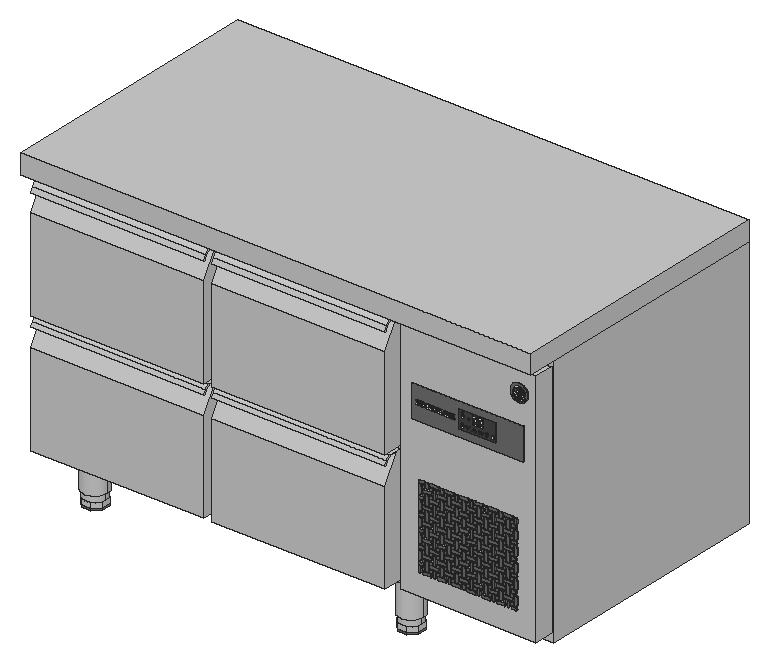
Revit family "QF_HOSHIZAKI_889000850", category Specialty Equipment, Revit 2016
Family settings
  Part Type = Normal
  Round Connector Dimension = Use Diameter
  OmniClass Number = 23.40.40.14
  OmniClass Title = Food Service Equipment
  Work Plane-Based = No
  Always vertical = Yes
  Cut with Voids When Loaded = No
  Shared = No
  Room Calculation Point = No
Parameters (values of type "889000850_230V/1Ph/50Hz")
  Weight = 95.00 kg
  Volts = 230 V
  URL Cutsheet = ""
  URL = "www.hoshizaki-europe.com"
  Status [instance] = ""
  Specification by User [instance] = ""
  Specification by Manufacturer [instance] = ""
  Serial Number = ""
  Seismic Rating = ""
  SMACNA No = ""
  Revision Code [instance] = ""
  Phase = 1
  Number of Poles = 2
  NAFEM Spec ID Number = ""
  Model = "ACR-130DG-22-RRC-L2"
  Min Ckt Ampacity = 0 A
  Max Overcurrent Protection = 0 A
  Masterspec = ""
  Manufacturer = "HOSHIZAKI"
  Length Actual = 1314 mm
  Item Number [instance] = ""
  Installed By [instance] = ""
  Identify Quantity as Lot [instance] = no
  Height Actual = 900 mm
  HP power = ""
  Furnished By [instance] = ""
  Foodservice Equipment Identifier [instance] = yes
  FL Amps = 1.1 A
  Electric power = 160 W
  Electric Connection Type [instance] = ""
  Elec Conn RI Height [instance] = 0 mm
  Elec Conn Connection Height [instance] = 200 mm
  Description = "ADVANCE 2-SECTION 1/1 GN REFRIGERATED COUNTER WITH 2 DRAWER SECTIONS EACH WITH 2 X 1/2 DRAWERS AND A FLAT WORKTOP"
  Depth Actual = 700 mm
  Cycle = 50 Hz
  Cost = 0
  Conn Plug = ""
  Conn Conduit = no
  CSI MasterFormat = ""
  Assembly Code = "E1090320"
  Apparent Power = 160 VA
  Accessory = no
Reference planes
  plane 1 "Center (Front/Back)": y = 0
  plane 2: z = 0
  plane 3 "Center (Left/Right)": x = 0
Forms (mm)
  Extrusion 1, solid, not visible
    sketch origin (1199, -17, 349) x (1, 0, 0) y (0, 1, 0)
      loop
        line (0, 0) -> (2, 0) -> (2, 2) -> (0, 2) -> (0, 0)
    from 0 to 2
Dimensions and locks
  aligned and locked: level to plane 2
Nested families
  nested 1: "QF_HOSHIZAKI_889000850_230V_1Ph_50Hz" at (0, 0, 150), type "889000850_230V/1Ph/50Hz"
    with Show Logo yes, Length Actual 1314 mm, Height Actual 650 mm, Depth Actual 700 mm, Compressor offset 958 mm, Compressor location 1
  nested 2: "QF_HOSHIZAKI_ADVANCE_REF-COUNTER-WORKTOPS" at (0, 0, 800), type "760660201"
    with Worktop thickness 50 mm, Length Actual 1314 mm, Depth Actual 700 mm, Backsplash thickness 20 mm, Backsplash height 100 mm
  nested 3: "QF_HOSHIZAKI_ADVANCE_REF-COUNTER-DOORS-DRAWERS" at (22, -700, 150), type "760660212"
    with Weight 0.00 kg, URL Cutsheet "", Status "", Specification by User "", Specification by Manufacturer "", Serial Number "", Seismic Rating "", Section size 446 mm, Section 3, SMACNA No "", Right hand hinged glass door no, Right hand hinged door no, Revision Code "", NAFEM Spec ID Number "", Masterspec "", Length Actual 0 mm, Left hand hinged glass door no, Left hand hinged door no, Item Number "", Installed By "", Identify Quantity as Lot no, Height Actual 0 mm, Furnished By "", Foodservice Equipment Identifier no, Depth Actual 0 mm, CSI MasterFormat "", Accessory yes, 3 Drawers no, 2 Drawers 1-3 and 2-3 no, 2 Drawers yes
  nested 4: "QF_HOSHIZAKI_ADVANCE_REF-COUNTER-DOORS-DRAWERS" at (488, -700, 150), type "760660212"
    with Weight 0.00 kg, URL Cutsheet "", Status "", Specification by User "", Specification by Manufacturer "", Serial Number "", Seismic Rating "", Section size 446 mm, Section 3, SMACNA No "", Right hand hinged glass door no, Right hand hinged door no, Revision Code "", NAFEM Spec ID Number "", Masterspec "", Length Actual 0 mm, Left hand hinged glass door no, Left hand hinged door no, Item Number "", Installed By "", Identify Quantity as Lot no, Height Actual 0 mm, Furnished By "", Foodservice Equipment Identifier no, Depth Actual 0 mm, CSI MasterFormat "", Accessory yes, 3 Drawers no, 2 Drawers 1-3 and 2-3 no, 2 Drawers yes
  nested 5: "QF_HOSHIZAKI_ADVANCE_REF-COUNTER-LEGS" at (0, 0, 0), type "760660118-5"
    with Weight 0.00 kg, URL Cutsheet "", Status "", Specification by User "", Specification by Manufacturer "", Serial Number "", Seismic Rating "", SMACNA No "", Revision Code "", NAFEM Spec ID Number "", Masterspec "", Length Actual 1314 mm, Legs inset right 430 mm, Legs inset rear 70 mm, Legs inset left 70 mm, Legs inset front 153 mm, Item Number "", Installed By "", Identify Quantity as Lot no, Height Actual 150 mm, Furnished By "", Foodservice Equipment Identifier no, Depth Actual 700 mm, Central Legs no, CSI MasterFormat "", Accessory yes
Connectors
  electrical at (1200, -15, 350), driven by "Apparent Power", driven by "Number of Poles", driven by "Volts"
    settings: on Extrusion 1, index 1, voltage 230 V, apparent load 0 VA, apparent load phase1 160 VA, apparent load phase2 0 VA, apparent load phase3 0 VA, power factor 1, load classification "Other", number of poles 2, system type 31, power factor state 1, is connector primary yes, connector utility no, sub classification motor no, connector description "Electric connection for '889000850'"
Definition of nested family "QF_HOSHIZAKI_889000850_230V_1Ph_50Hz"
  Parameters (values of type "889000850_230V/1Ph/50Hz")
    URL = "www.hoshizaki-europe.com"
    Show Logo [instance] = yes
    Model = "ACR-130DG-22-RRC-L2"
    Manufacturer = "HOSHIZAKI"
    Length Actual [instance] = 1314 mm
    Height Actual [instance] = 650 mm
    Description = "ADVANCE 2-SECTION 1/1 GN REFRIGERATED COUNTER WITH 2 DRAWER SECTIONS EACH WITH 2 X 1/2 DRAWERS AND A FLAT WORKTOP"
    Depth Actual [instance] = 700 mm
    Compressor offset [instance] = if(Compressor location = 1, Length Actual - 356 mm, if(Compressor location = 2, 7 mm, Length Actual - 356 mm))  # 958 mm
    Compressor location [instance] = 1
    Author = "SPECIFI"
    Assembly Code = "E1090320"
  Types (60, lengths in mm): name | Model | Length Actual | Description | Compressor offset
    889000840 | "ACR-130DG-LR-RRC-L1" | 1314 | "ADVANCE 2-SECTION 1/1 GN REFRIGERATED COUNTER WITH 2 DOORS AND A FLAT WORKTOP" | 958
    889000848 | "ACR-130DG-22-RRC-L1" | 1314 | "ADVANCE 2-SECTION 1/1 GN REFRIGERATED COUNTER WITH 2 DRAWER SECTIONS EACH WITH 2 X 1/2 DRAWERS AND A FLAT WORKTOP" | 958
    889000856 | "ACR-130DG-32-RRC-L1" | 1314 | "ADVANCE 2-SECTION 1/1 GN REFRIGERATED COUNTER WITH 1 DRAWER SECTION WITH 3 X 1/3 DRAWERS, 1 DRAWER SECTION WITH 2 X 1/2 DRAWERS AND A FLAT WORKTOP" | 958
    889000844 | "ACR-130DG-LR-RRS-L1" | 1314 | "ADVANCE 2-SECTION 1/1 GN REFRIGERATED COUNTER WITH 2 DOORS AND A WORKTOP WITH 100 MM SPLASHBACK" | 958
    889000852 | "ACR-130DG-22-RRS-L1" | 1314 | "ADVANCE 2-SECTION 1/1 GN REFRIGERATED COUNTER WITH 2 DRAWER SECTIONS EACH WITH 2 X 1/2 DRAWERS AND A WORKTOP WITH 100 MM SPLASHBACK" | 958
    889000861 | "ACR-130DG-LR-RRC-C1-U" | 1314 | "ADVANCE 2-SECTION 1/1 GN REFRIGERATED COUNTER WITH 2 DOORS AND A FLAT WORKTOP" | 958
    889000869 | "ACR-130DG-22-RRC-C1-U" | 1314 | "ADVANCE 2-SECTION 1/1 GN REFRIGERATED COUNTER WITH 2 DRAWER SECTIONS EACH WITH 2 X 1/2 DRAWERS AND A FLAT WORKTOP" | 958
    889000877 | "ACR-130DG-32-RRC-C1-U" | 1314 | "ADVANCE 2-SECTION 1/1 GN REFRIGERATED COUNTER WITH 1 DRAWER SECTION WITH 3 X 1/3 DRAWERS, 1 DRAWER SECTION WITH 2 X 1/2 DRAWERS AND A FLAT WORKTOP" | 958
    889000865 | "ACR-130DG-LR-RRS-C1-U" | 1314 | "ADVANCE 2-SECTION 1/1 GN REFRIGERATED COUNTER WITH 2 DOORS AND A WORKTOP WITH 100 MM SPLASHBACK" | 958
    889000873 | "ACR-130DG-22-RRS-C1-U" | 1314 | "ADVANCE 2-SECTION 1/1 GN REFRIGERATED COUNTER WITH 2 DRAWER SECTIONS EACH WITH 2 X 1/2 DRAWERS AND A WORKTOP WITH 100 MM SPLASHBACK" | 958
    889000842 | "ACR-130DG-LR-RRC-L2" | 1314 | "ADVANCE 2-SECTION 1/1 GN REFRIGERATED COUNTER WITH 2 DOORS AND A FLAT WORKTOP" | 958
    889000850_230V/1Ph/50Hz | "ACR-130DG-22-RRC-L2" | 1314 | "ADVANCE 2-SECTION 1/1 GN REFRIGERATED COUNTER WITH 2 DRAWER SECTIONS EACH WITH 2 X 1/2 DRAWERS AND A FLAT WORKTOP" | 958
    889000858 | "ACR-130DG-32-RRC-L2" | 1314 | "ADVANCE 2-SECTION 1/1 GN REFRIGERATED COUNTER WITH 1 DRAWER SECTION WITH 3 X 1/3 DRAWERS, 1 DRAWER SECTION WITH 2 X 1/2 DRAWERS AND A FLAT WORKTOP" | 958
    889000846 | "ACR-130DG-LR-RRS-L2" | 1314 | "ADVANCE 2-SECTION 1/1 GN REFRIGERATED COUNTER WITH 2 DOORS AND A WORKTOP WITH 100 MM SPLASHBACK" | 958
    889000854 | "ACR-130DG-22-RRS-L2" | 1314 | "ADVANCE 2-SECTION 1/1 GN REFRIGERATED COUNTER WITH 2 DRAWER SECTIONS EACH WITH 2 X 1/2 DRAWERS AND A WORKTOP WITH 100 MM SPLASHBACK" | 958
    889000822 | "ACR-130DG-LR-CRC-L2" | 1314 | "ADVANCE 2-SECTION 1/1 GN REFRIGERATED COUNTER WITH 2 DOORS AND A FLAT WORKTOP" | 958
    889000830 | "ACR-130DG-22-CRC-L2" | 1314 | "ADVANCE 2-SECTION 1/1 GN REFRIGERATED COUNTER WITH 2 DRAWER SECTIONS EACH WITH 2 X 1/2 DRAWERS AND A FLAT WORKTOP" | 958
    889000838 | "ACR-130DG-32-CRC-L2" | 1314 | "ADVANCE 2-SECTION 1/1 GN REFRIGERATED COUNTER WITH 1 DRAWER SECTION WITH 3 X 1/3 DRAWERS, 1 DRAWER SECTION WITH 2 X 1/2 DRAWERS AND A FLAT WORKTOP" | 958
    889000826 | "ACR-130DG-LR-CRS-L2" | 1314 | "ADVANCE 2-SECTION 1/1 GN REFRIGERATED COUNTER WITH 2 DOORS AND A WORKTOP WITH 100 MM SPLASHBACK" | 958
    889000834 | "ACR-130DG-22-CRS-L2" | 1314 | "ADVANCE 2-SECTION 1/1 GN REFRIGERATED COUNTER WITH 2 DRAWER SECTIONS EACH WITH 2 X 1/2 DRAWERS AND A WORKTOP WITH 100 MM SPLASHBACK" | 958
    889020840 | "ACR-180DG-LRR-RRC-L1" | 1780 | "ADVANCE 3-SECTION 1/1 GN REFRIGERATED COUNTER WITH 3 DOORS AND A FLAT WORKTOP" | 1424
    889020848 | "ACR-180DG-222-RRC-L1" | 1780 | "ADVANCE 3-SECTION 1/1 GN REFRIGERATED COUNTER WITH 3 DRAWER SECTIONS EACH WITH 2 X 1/2 DRAWERS AND A FLAT WORKTOP" | 1424
    889020856 | "ACR-180DG-332-RRC-L1" | 1780 | "ADVANCE 3-SECTION 1/1 GN REFRIGERATED COUNTER WITH 2 DRAWER SECTIONS EACH WITH 3 X 1/3 DRAWERS, 1 DRAWER SECTION WITH 2 X 1/2 DRAWERS AND A FLAT WORKTOP" | 1424
    889020844 | "ACR-180DG-LRR-RRS-L1" | 1780 | "ADVANCE 3-SECTION 1/1 GN REFRIGERATED COUNTER WITH 3 DOORS AND A WORKTOP WITH 100 MM SPLASHBACK" | 1424
    889020852 | "ACR-180DG-222-RRS-L1" | 1780 | "ADVANCE 3-SECTION 1/1 GN REFRIGERATED COUNTER WITH 3 DRAWER SECTIONS EACH WITH 2 X 1/2 DRAWERS AND A WORKTOP WITH 100 MM SPLASHBACK" | 1424
    889020861 | "ACR-180DG-LRR-RRC-C1-U" | 1780 | "ADVANCE 3-SECTION 1/1 GN REFRIGERATED COUNTER WITH 3 DOORS AND A FLAT WORKTOP" | 1424
    889020869 | "ACR-180DG-222-RRC-C1-U" | 1780 | "ADVANCE 3-SECTION 1/1 GN REFRIGERATED COUNTER WITH 3 DRAWER SECTIONS EACH WITH 2 X 1/2 DRAWERS AND A FLAT WORKTOP" | 1424
    889020877 | "ACR-180DG-332-RRC-C1-U" | 1780 | "ADVANCE 3-SECTION 1/1 GN REFRIGERATED COUNTER WITH 2 DRAWER SECTIONS EACH WITH 3 X 1/3 DRAWERS, 1 DRAWER SECTION WITH 2 X 1/2 DRAWERS AND A FLAT WORKTOP" | 1424
    889020865 | "ACR-180DG-LRR-RRS-C1-U" | 1780 | "ADVANCE 3-SECTION 1/1 GN REFRIGERATED COUNTER WITH 3 DOORS AND A WORKTOP WITH 100 MM SPLASHBACK" | 1424
    889020873 | "ACR-180DG-222-RRS-C1-U" | 1780 | "ADVANCE 3-SECTION 1/1 GN REFRIGERATED COUNTER WITH 3 DRAWER SECTIONS EACH WITH 2 X 1/2 DRAWERS AND A WORKTOP WITH 100 MM SPLASHBACK" | 1424
    889020842 | "ACR-180DG-LRR-RRC-L2" | 1780 | "ADVANCE 3-SECTION 1/1 GN REFRIGERATED COUNTER WITH 3 DOORS AND A FLAT WORKTOP" | 1424
    889020850 | "ACR-180DG-222-RRC-L2" | 1780 | "ADVANCE 3-SECTION 1/1 GN REFRIGERATED COUNTER WITH 3 DRAWER SECTIONS EACH WITH 2 X 1/2 DRAWERS AND A FLAT WORKTOP" | 1424
    889020858 | "ACR-180DG-332-RRC-L2" | 1780 | "ADVANCE 3-SECTION 1/1 GN REFRIGERATED COUNTER WITH 2 DRAWER SECTIONS EACH WITH 3 X 1/3 DRAWERS, 1 DRAWER SECTION WITH 2 X 1/2 DRAWERS AND A FLAT WORKTOP" | 1424
    889020846 | "ACR-180DG-LRR-RRS-L2" | 1780 | "ADVANCE 3-SECTION 1/1 GN REFRIGERATED COUNTER WITH 3 DOORS AND A WORKTOP WITH 100 MM SPLASHBACK" | 1424
    889020854 | "ACR-180DG-222-RRS-L2" | 1780 | "ADVANCE 3-SECTION 1/1 GN REFRIGERATED COUNTER WITH 3 DRAWER SECTIONS EACH WITH 2 X 1/2 DRAWERS AND A WORKTOP WITH 100 MM SPLASHBACK" | 1424
    889020823 | "ACR-180DG-LRR-CRC-L2" | 1780 | "ADVANCE 3-SECTION 1/1 GN REFRIGERATED COUNTER WITH 3 DOORS AND A FLAT WORKTOP" | 1424
    889020830 | "ACR-180DG-222-CRC-L2" | 1780 | "ADVANCE 3-SECTION 1/1 GN REFRIGERATED COUNTER WITH 3 DRAWER SECTIONS EACH WITH 2 X 1/2 DRAWERS AND A FLAT WORKTOP" | 1424
    889020838 | "ACR-180DG-332-CRC-L2" | 1780 | "ADVANCE 3-SECTION 1/1 GN REFRIGERATED COUNTER WITH 2 DRAWER SECTIONS EACH WITH 3 X 1/3 DRAWERS, 1 DRAWER SECTION WITH 2 X 1/2 DRAWERS AND A FLAT WORKTOP" | 1424
    889020827 | "ACR-180DG-LRR-CRS-L2" | 1780 | "ADVANCE 3-SECTION 1/1 GN REFRIGERATED COUNTER WITH 3 DOORS AND A WORKTOP WITH 100 MM SPLASHBACK" | 1424
    889020834 | "ACR-180DG-222-CRS-L2" | 1780 | "ADVANCE 3-SECTION 1/1 GN REFRIGERATED COUNTER WITH 3 DRAWER SECTIONS EACH WITH 2 X 1/2 DRAWERS AND A WORKTOP WITH 100 MM SPLASHBACK" | 1424
    889040840 | "ACR-225DG-LLRR-RRC-L1" | 2246 | "ADVANCE 4-SECTION 1/1 GN REFRIGERATED COUNTER WITH 4 DOORS AND A FLAT WORKTOP" | 1890
    889040848 | "ACR-225DG-2222-RRC-L1" | 2246 | "ADVANCE 4-SECTION 1/1 GN REFRIGERATED COUNTER WITH 4 DRAWER SECTIONS EACH WITH 2 X 1/2 DRAWERS AND A FLAT WORKTOP" | 1890
    889040856 | "ACR-225DG-3332-RRC-L1" | 2246 | "ADVANCE 4-SECTION 1/1 GN REFRIGERATED COUNTER WITH 3 DRAWER SECTIONS EACH WITH 3 X 1/3 DRAWERS, 1 DRAWER SECTION WITH 2 X 1/2 DRAWERS AND A FLAT WORKTOP" | 1890
    889040844 | "ACR-225DG-LLRR-RRS-L1" | 2246 | "ADVANCE 4-SECTION 1/1 GN REFRIGERATED COUNTER WITH 4 DOORS AND A WORKTOP WITH 100 MM SPLASHBACK" | 1890
    889040852 | "ACR-225DG-2222-RRS-L1" | 2246 | "ADVANCE 4-SECTION 1/1 GN REFRIGERATED COUNTER WITH 4 DRAWER SECTIONS EACH WITH 2 X 1/2 DRAWERS AND A WORKTOP WITH 100 MM SPLASHBACK" | 1890
    889040861 | "ACR-225DG-LLRR-RRC-C1-U" | 2246 | "ADVANCE 4-SECTION 1/1 GN REFRIGERATED COUNTER WITH 4 DOORS AND A FLAT WORKTOP" | 1890
    889040869 | "ACR-225DG-2222-RRC-C1-U" | 2246 | "ADVANCE 4-SECTION 1/1 GN REFRIGERATED COUNTER WITH 4 DRAWER SECTIONS EACH WITH 2 X 1/2 DRAWERS AND A FLAT WORKTOP" | 1890
    889040877 | "ACR-225DG-3332-RRC-C1-U" | 2246 | "ADVANCE 4-SECTION 1/1 GN REFRIGERATED COUNTER WITH 3 DRAWER SECTIONS EACH WITH 3 X 1/3 DRAWERS, 1 DRAWER SECTION WITH 2 X 1/2 DRAWERS AND A FLAT WORKTOP" | 1890
    889040865 | "ACR-225DG-LLRR-RRS-C1-U" | 2246 | "ADVANCE 4-SECTION 1/1 GN REFRIGERATED COUNTER WITH 4 DOORS AND A WORKTOP WITH 100 MM SPLASHBACK" | 1890
    889040873 | "ACR-225DG-2222-RRS-C1-U" | 2246 | "ADVANCE 4-SECTION 1/1 GN REFRIGERATED COUNTER WITH 4 DRAWER SECTIONS EACH WITH 2 X 1/2 DRAWERS AND A WORKTOP WITH 100 MM SPLASHBACK" | 1890
    889040842 | "ACR-225DG-LLRR-RRC-L2" | 2246 | "ADVANCE 4-SECTION 1/1 GN REFRIGERATED COUNTER WITH 4 DOORS AND A FLAT WORKTOP" | 1890
    889040850 | "ACR-225DG-2222-RRC-L2" | 2246 | "ADVANCE 4-SECTION 1/1 GN REFRIGERATED COUNTER WITH 4 DRAWER SECTIONS EACH WITH 2 X 1/2 DRAWERS AND A FLAT WORKTOP" | 1890
    889040858 | "ACR-225DG-3332-RRC-L2" | 2246 | "ADVANCE 4-SECTION 1/1 GN REFRIGERATED COUNTER WITH 3 DRAWER SECTIONS EACH WITH 3 X 1/3 DRAWERS, 1 DRAWER SECTION WITH 2 X 1/2 DRAWERS AND A FLAT WORKTOP" | 1890
    889040846 | "ACR-225DG-LLRR-RRS-L2" | 2246 | "ADVANCE 4-SECTION 1/1 GN REFRIGERATED COUNTER WITH 4 DOORS AND A WORKTOP WITH 100 MM SPLASHBACK" | 1890
    889040854 | "ACR-225DG-2222-RRS-L2" | 2246 | "ADVANCE 4-SECTION 1/1 GN REFRIGERATED COUNTER WITH 4 DRAWER SECTIONS EACH WITH 2 X 1/2 DRAWERS AND A WORKTOP WITH 100 MM SPLASHBACK" | 1890
    889040822 | "ACR-225DG-LLRR-CRC-L2" | 2246 | "ADVANCE 4-SECTION 1/1 GN REFRIGERATED COUNTER WITH 4 DOORS AND A FLAT WORKTOP" | 1890
    889040830 | "ACR-225DG-2222-CRC-L2" | 2246 | "ADVANCE 4-SECTION 1/1 GN REFRIGERATED COUNTER WITH 4 DRAWER SECTIONS EACH WITH 2 X 1/2 DRAWERS AND A FLAT WORKTOP" | 1890
    889040838 | "ACR-225DG-3332-CRC-L2" | 2246 | "ADVANCE 4-SECTION 1/1 GN REFRIGERATED COUNTER WITH 3 DRAWER SECTIONS EACH WITH 3 X 1/3 DRAWERS, 1 DRAWER SECTION WITH 2 X 1/2 DRAWERS AND A FLAT WORKTOP" | 1890
    889040826 | "ACR-225DG-LLRR-CRS-L2" | 2246 | "ADVANCE 4-SECTION 1/1 GN REFRIGERATED COUNTER WITH 4 DOORS AND A WORKTOP WITH 100 MM SPLASHBACK" | 1890
    889040834 | "ACR-225DG-2222-CRS-L2" | 2246 | "ADVANCE 4-SECTION 1/1 GN REFRIGERATED COUNTER WITH 4 DRAWER SECTIONS EACH WITH 2 X 1/2 DRAWERS AND A WORKTOP WITH 100 MM SPLASHBACK" | 1890
  Reference planes
    plane 1 "Back": y = 0
    plane 2: z = 0
    plane 3 "Left": x = 0
    plane 4 "Right": x = 1314
    plane 5 "Front": y = -700
    plane 6 "Top": z = 650
    plane 7 "Front legs": y = -624.512
    plane 8 "Compressor dimension": x = 1314
    plane 9 "Compressor offset": x = 958
  Forms (mm)
    Extrusion 1, solid
      sketch origin (0, 0, 0) x (0, 1, 0) y (0, 0, 1)
        loop
          line (0, 650) -> (-624.512, 650) -> (-624.512, 0) -> (0, 0) -> (0, 650)
      from 0 to 1314
    Extrusion 2, solid
      sketch origin (958, 0, 0) x (0, -1, 0) y (0, 0, 1)
        loop
          line (624.512, 634) -> (624.512, 20) -> (674.54, 20) -> (674.54, 634) -> (624.512, 634)
      from 0 to -349
  Lines and regions (mm)
    symbolic lines
      curve 1: line (0, 0, 650) -> (1314, 0, 650)
      curve 2: line (0, -700, 650) -> (0, 0, 650)
      curve 3: line (1314, -700, 650) -> (0, -700, 650)
      curve 4: line (1314, 0, 650) -> (1314, -700, 650)
  Dimensions and locks
    "Length Actual": plane 3 "Left" to plane 4 "Right"
    "Depth Actual": plane 5 "Front" to plane 1 "Back"
    plane 7 "Front legs" to plane 5 "Front" = 75.488 mm
    "Compressor offset": plane 3 "Left" to plane 9 "Compressor offset"
    locked: plane 9 "Compressor offset" to plane 8 "Compressor dimension" at 356
    plane 6 "Top" to level = 650 mm
    aligned and locked: level to plane 2
    aligned and locked: plane 1 "Back" to Extrusion 1 sketch curve
    aligned and locked: plane 7 "Front legs" to Extrusion 1 sketch curve
    aligned and locked: Extrusion 1 to plane 4 "Right"
    aligned and locked: plane 7 "Front legs" to Extrusion 2 sketch curve
    aligned and locked: nested 1 to plane 5 "Front"
    aligned and locked: nested 1 to plane 9 "Compressor offset"
    aligned and locked: Extrusion 1 sketch curve to plane 6 "Top"
    aligned and locked: plane 2 to Extrusion 1 sketch curve
    aligned and locked: plane 1 "Back" to curve 1
    aligned and locked: plane 5 "Front" to curve 3
    aligned and locked: plane 4 "Right" to curve 4
    aligned and locked: plane 3 "Left" to curve 2
  Automatic sketch dimensions
    plane 5 "Front" to Extrusion 2 sketch curve = 25.46 mm
    level to Extrusion 2 sketch curve = 20 mm
    Extrusion 2 sketch curve to plane 6 "Top" = 16 mm
  Nested families
    nested 1: "Control-panel" at (958, -700, 0), Show Logo <- "Show Logo", type "Control-panel"
      with Show Logo yes
  Definition of nested family "Control-panel"
    Parameters (values of type "Control-panel")
      Show Logo [instance] = yes
    Reference planes
      plane 1 "Center (Front/Back)": y = 0
      plane 2: z = 0
      plane 3 "Center (Left/Right)": x = 0
      plane 4: z = 650
    Forms (mm)
      Extrusion 1, solid
        sketch origin (-3653, 19.5, -135) x (-1, 0, 0) y (0, 0, 1)
          loop
            arc (-3941, 426) -> (-3944.5, 422.5) -> (-3941, 419) r 3.5
            line (-3941, 419) -> (-3923, 419)
            arc (-3923, 419) -> (-3919.5, 422.5) -> (-3923, 426) r 3.5
            line (-3923, 426) -> (-3941, 426)
          loop
            arc (-3903, 426) -> (-3906.5, 422.5) -> (-3903, 419) r 3.5
            line (-3903, 419) -> (-3885, 419)
            arc (-3885, 419) -> (-3881.5, 422.5) -> (-3885, 426) r 3.5
            line (-3885, 426) -> (-3903, 426)
          loop
            arc (-3865, 426) -> (-3868.5, 422.5) -> (-3865, 419) r 3.5
            line (-3865, 419) -> (-3847, 419)
            arc (-3847, 419) -> (-3843.5, 422.5) -> (-3847, 426) r 3.5
            line (-3847, 426) -> (-3865, 426)
          loop
            arc (-3827, 426) -> (-3830.5, 422.5) -> (-3827, 419) r 3.5
            line (-3827, 419) -> (-3809, 419)
            arc (-3809, 419) -> (-3805.5, 422.5) -> (-3809, 426) r 3.5
            line (-3809, 426) -> (-3827, 426)
          loop
            arc (-3789, 426) -> (-3792.5, 422.5) -> (-3789, 419) r 3.5
            line (-3789, 419) -> (-3771, 419)
            arc (-3771, 419) -> (-3767.5, 422.5) -> (-3771, 426) r 3.5
            line (-3771, 426) -> (-3789, 426)
          loop
            arc (-3751, 426) -> (-3754.5, 422.5) -> (-3751, 419) r 3.5
            line (-3751, 419) -> (-3733, 419)
            arc (-3733, 419) -> (-3729.5, 422.5) -> (-3733, 426) r 3.5
            line (-3733, 426) -> (-3751, 426)
          loop
            arc (-3713, 426) -> (-3716.5, 422.5) -> (-3713, 419) r 3.5
            line (-3713, 419) -> (-3704, 419)
            arc (-3704, 419) -> (-3700.5, 422.5) -> (-3704, 426) r 3.5
            line (-3704, 426) -> (-3713, 426)
          loop
            arc (-3948, 422) -> (-3951, 425) -> (-3954, 422) r 3
            line (-3954, 422) -> (-3954, 413)
            arc (-3954, 413) -> (-3951, 410) -> (-3948, 413) r 3
            line (-3948, 413) -> (-3948, 422)
          loop
            line (-3938.025, 416.51) -> (-3945.025, 416.51) -> (-3945.025, 409.51) -> (-3938.025, 409.51) -> (-3938.025, 416.51)
          loop
            line (-3919.025, 416.51) -> (-3926.025, 416.51) -> (-3926.025, 409.51) -> (-3919.025, 409.51) -> (-3919.025, 416.51)
          loop
            arc (-3910, 422) -> (-3913, 425) -> (-3916, 422) r 3
            line (-3916, 422) -> (-3916, 413)
            arc (-3916, 413) -> (-3913, 410) -> (-3910, 413) r 3
            line (-3910, 413) -> (-3910, 422)
          loop
            line (-3900.025, 416.51) -> (-3907.025, 416.51) -> (-3907.025, 409.51) -> (-3900.025, 409.51) -> (-3900.025, 416.51)
          loop
            line (-3881.025, 416.51) -> (-3888.025, 416.51) -> (-3888.025, 409.51) -> (-3881.025, 409.51) -> (-3881.025, 416.51)
          loop
            arc (-3872, 422) -> (-3875, 425) -> (-3878, 422) r 3
            line (-3878, 422) -> (-3878, 413)
            arc (-3878, 413) -> (-3875, 410) -> (-3872, 413) r 3
            line (-3872, 413) -> (-3872, 422)
          loop
            line (-3862.025, 416.51) -> (-3869.025, 416.51) -> (-3869.025, 409.51) -> (-3862.025, 409.51) -> (-3862.025, 416.51)
          loop
            line (-3843.025, 416.51) -> (-3850.025, 416.51) -> (-3850.025, 409.51) -> (-3843.025, 409.51) -> (-3843.025, 416.51)
          loop
            arc (-3834, 422) -> (-3837, 425) -> (-3840, 422) r 3
            line (-3840, 422) -> (-3840, 413)
            arc (-3840, 413) -> (-3837, 410) -> (-3834, 413) r 3
            line (-3834, 413) -> (-3834, 422)
          loop
            line (-3824.025, 416.51) -> (-3831.025, 416.51) -> (-3831.025, 409.51) -> (-3824.025, 409.51) -> (-3824.025, 416.51)
          loop
            line (-3805.025, 416.51) -> (-3812.025, 416.51) -> (-3812.025, 409.51) -> (-3805.025, 409.51) -> (-3805.025, 416.51)
          loop
            arc (-3796, 422) -> (-3799, 425) -> (-3802, 422) r 3
            line (-3802, 422) -> (-3802, 413)
            arc (-3802, 413) -> (-3799, 410) -> (-3796, 413) r 3
            line (-3796, 413) -> (-3796, 422)
          loop
            line (-3786.025, 416.51) -> (-3793.025, 416.51) -> (-3793.025, 409.51) -> (-3786.025, 409.51) -> (-3786.025, 416.51)
          loop
            line (-3767.025, 416.51) -> (-3774.025, 416.51) -> (-3774.025, 409.51) -> (-3767.025, 409.51) -> (-3767.025, 416.51)
          loop
            arc (-3758, 422) -> (-3761, 425) -> (-3764, 422) r 3
            line (-3764, 422) -> (-3764, 413)
            arc (-3764, 413) -> (-3761, 410) -> (-3758, 413) r 3
            line (-3758, 413) -> (-3758, 422)
          loop
            line (-3748.025, 416.51) -> (-3755.025, 416.51) -> (-3755.025, 409.51) -> (-3748.025, 409.51) -> (-3748.025, 416.51)
          loop
            line (-3729.025, 416.51) -> (-3736.025, 416.51) -> (-3736.025, 409.51) -> (-3729.025, 409.51) -> (-3729.025, 416.51)
          loop
            arc (-3720, 422) -> (-3723, 425) -> (-3726, 422) r 3
            line (-3726, 422) -> (-3726, 413)
            arc (-3726, 413) -> (-3723, 410) -> (-3720, 413) r 3
            line (-3720, 413) -> (-3720, 422)
          loop
            line (-3710.025, 416.51) -> (-3717.025, 416.51) -> (-3717.025, 409.51) -> (-3710.025, 409.51) -> (-3710.025, 416.51)
          loop
            line (-3935.5, 412.5) -> (-3935.5, 394.5)
            arc (-3935.5, 394.5) -> (-3932, 391) -> (-3928.5, 394.5) r 3.5
            line (-3928.5, 394.5) -> (-3928.5, 412.5)
            arc (-3928.5, 412.5) -> (-3932, 416) -> (-3935.5, 412.5) r 3.5
          loop
            line (-3897.5, 412.5) -> (-3897.5, 394.5)
            arc (-3897.5, 394.5) -> (-3894, 391) -> (-3890.5, 394.5) r 3.5
            line (-3890.5, 394.5) -> (-3890.5, 412.5)
            arc (-3890.5, 412.5) -> (-3894, 416) -> (-3897.5, 412.5) r 3.5
          loop
            line (-3859.5, 412.5) -> (-3859.5, 394.5)
            arc (-3859.5, 394.5) -> (-3856, 391) -> (-3852.5, 394.5) r 3.5
            line (-3852.5, 394.5) -> (-3852.5, 412.5)
            arc (-3852.5, 412.5) -> (-3856, 416) -> (-3859.5, 412.5) r 3.5
          loop
            line (-3821.5, 412.5) -> (-3821.5, 394.5)
            arc (-3821.5, 394.5) -> (-3818, 391) -> (-3814.5, 394.5) r 3.5
            line (-3814.5, 394.5) -> (-3814.5, 412.5)
            arc (-3814.5, 412.5) -> (-3818, 416) -> (-3821.5, 412.5) r 3.5
          loop
            line (-3783.5, 412.5) -> (-3783.5, 394.5)
            arc (-3783.5, 394.5) -> (-3780, 391) -> (-3776.5, 394.5) r 3.5
            line (-3776.5, 394.5) -> (-3776.5, 412.5)
            arc (-3776.5, 412.5) -> (-3780, 416) -> (-3783.5, 412.5) r 3.5
          loop
            line (-3745.5, 412.5) -> (-3745.5, 394.5)
            arc (-3745.5, 394.5) -> (-3742, 391) -> (-3738.5, 394.5) r 3.5
            line (-3738.5, 394.5) -> (-3738.5, 412.5)
            arc (-3738.5, 412.5) -> (-3742, 416) -> (-3745.5, 412.5) r 3.5
          loop
            line (-3707.5, 412.5) -> (-3707.5, 394.5)
            arc (-3707.5, 394.5) -> (-3704, 391) -> (-3700.5, 394.5) r 3.5
            line (-3700.5, 394.5) -> (-3700.5, 412.5)
            arc (-3700.5, 412.5) -> (-3704, 416) -> (-3707.5, 412.5) r 3.5
          loop
            arc (-3922, 407) -> (-3925.5, 403.5) -> (-3922, 400) r 3.5
            line (-3922, 400) -> (-3904, 400)
            arc (-3904, 400) -> (-3900.5, 403.5) -> (-3904, 407) r 3.5
            line (-3904, 407) -> (-3922, 407)
          loop
            arc (-3884, 407) -> (-3887.5, 403.5) -> (-3884, 400) r 3.5
            line (-3884, 400) -> (-3866, 400)
            arc (-3866, 400) -> (-3862.5, 403.5) -> (-3866, 407) r 3.5
            line (-3866, 407) -> (-3884, 407)
          loop
            arc (-3846, 407) -> (-3849.5, 403.5) -> (-3846, 400) r 3.5
            line (-3846, 400) -> (-3828, 400)
            arc (-3828, 400) -> (-3824.5, 403.5) -> (-3828, 407) r 3.5
            line (-3828, 407) -> (-3846, 407)
          loop
            arc (-3808, 407) -> (-3811.5, 403.5) -> (-3808, 400) r 3.5
            line (-3808, 400) -> (-3790, 400)
            arc (-3790, 400) -> (-3786.5, 403.5) -> (-3790, 407) r 3.5
            line (-3790, 407) -> (-3808, 407)
          loop
            arc (-3770, 407) -> (-3773.5, 403.5) -> (-3770, 400) r 3.5
            line (-3770, 400) -> (-3752, 400)
            arc (-3752, 400) -> (-3748.5, 403.5) -> (-3752, 407) r 3.5
            line (-3752, 407) -> (-3770, 407)
          loop
            arc (-3732, 407) -> (-3735.5, 403.5) -> (-3732, 400) r 3.5
            line (-3732, 400) -> (-3714, 400)
            arc (-3714, 400) -> (-3710.5, 403.5) -> (-3714, 407) r 3.5
            line (-3714, 407) -> (-3732, 407)
          loop
            line (-3938.025, 390.49) -> (-3938.025, 397.49) -> (-3945.025, 397.49) -> (-3945.025, 390.49) -> (-3938.025, 390.49)
          loop
            line (-3919.025, 390.49) -> (-3919.025, 397.49) -> (-3926.025, 397.49) -> (-3926.025, 390.49) -> (-3919.025, 390.49)
          loop
            line (-3900.025, 390.49) -> (-3900.025, 397.49) -> (-3907.025, 397.49) -> (-3907.025, 390.49) -> (-3900.025, 390.49)
          loop
            line (-3881.025, 390.49) -> (-3881.025, 397.49) -> (-3888.025, 397.49) -> (-3888.025, 390.49) -> (-3881.025, 390.49)
          loop
            line (-3862.025, 390.49) -> (-3862.025, 397.49) -> (-3869.025, 397.49) -> (-3869.025, 390.49) -> (-3862.025, 390.49)
          loop
            line (-3843.025, 390.49) -> (-3843.025, 397.49) -> (-3850.025, 397.49) -> (-3850.025, 390.49) -> (-3843.025, 390.49)
          loop
            line (-3824.025, 390.49) -> (-3824.025, 397.49) -> (-3831.025, 397.49) -> (-3831.025, 390.49) -> (-3824.025, 390.49)
          loop
            line (-3805.025, 390.49) -> (-3805.025, 397.49) -> (-3812.025, 397.49) -> (-3812.025, 390.49) -> (-3805.025, 390.49)
          loop
            line (-3786.025, 390.49) -> (-3786.025, 397.49) -> (-3793.025, 397.49) -> (-3793.025, 390.49) -> (-3786.025, 390.49)
          loop
            line (-3767.025, 390.49) -> (-3767.025, 397.49) -> (-3774.025, 397.49) -> (-3774.025, 390.49) -> (-3767.025, 390.49)
          loop
            line (-3748.025, 390.49) -> (-3748.025, 397.49) -> (-3755.025, 397.49) -> (-3755.025, 390.49) -> (-3748.025, 390.49)
          loop
            line (-3729.025, 390.49) -> (-3729.025, 397.49) -> (-3736.025, 397.49) -> (-3736.025, 390.49) -> (-3729.025, 390.49)
          loop
            line (-3710.025, 390.49) -> (-3710.025, 397.49) -> (-3717.025, 397.49) -> (-3717.025, 390.49) -> (-3710.025, 390.49)
          loop
            arc (-3719.5, 393.5) -> (-3723, 397) -> (-3726.5, 393.5) r 3.5
            line (-3726.5, 393.5) -> (-3726.5, 375.5)
            arc (-3726.5, 375.5) -> (-3723, 372) -> (-3719.5, 375.5) r 3.5
            line (-3719.5, 375.5) -> (-3719.5, 393.5)
          loop
            arc (-3757.5, 393.5) -> (-3761, 397) -> (-3764.5, 393.5) r 3.5
            line (-3764.5, 393.5) -> (-3764.5, 375.5)
            arc (-3764.5, 375.5) -> (-3761, 372) -> (-3757.5, 375.5) r 3.5
            line (-3757.5, 375.5) -> (-3757.5, 393.5)
          loop
            arc (-3795.5, 393.5) -> (-3799, 397) -> (-3802.5, 393.5) r 3.5
            line (-3802.5, 393.5) -> (-3802.5, 375.5)
            arc (-3802.5, 375.5) -> (-3799, 372) -> (-3795.5, 375.5) r 3.5
            line (-3795.5, 375.5) -> (-3795.5, 393.5)
          loop
            arc (-3833.5, 393.5) -> (-3837, 397) -> (-3840.5, 393.5) r 3.5
            line (-3840.5, 393.5) -> (-3840.5, 375.5)
            arc (-3840.5, 375.5) -> (-3837, 372) -> (-3833.5, 375.5) r 3.5
            line (-3833.5, 375.5) -> (-3833.5, 393.5)
          loop
            arc (-3871.5, 393.5) -> (-3875, 397) -> (-3878.5, 393.5) r 3.5
            line (-3878.5, 393.5) -> (-3878.5, 375.5)
            arc (-3878.5, 375.5) -> (-3875, 372) -> (-3871.5, 375.5) r 3.5
            line (-3871.5, 375.5) -> (-3871.5, 393.5)
          loop
            arc (-3909.5, 393.5) -> (-3913, 397) -> (-3916.5, 393.5) r 3.5
            line (-3916.5, 393.5) -> (-3916.5, 375.5)
            arc (-3916.5, 375.5) -> (-3913, 372) -> (-3909.5, 375.5) r 3.5
            line (-3909.5, 375.5) -> (-3909.5, 393.5)
          loop
            arc (-3951, 406.5) -> (-3954, 403.5) -> (-3951, 400.5) r 3
            line (-3951, 400.5) -> (-3942, 400.5)
            arc (-3942, 400.5) -> (-3939, 403.5) -> (-3942, 406.5) r 3
            line (-3942, 406.5) -> (-3951, 406.5)
          loop
            arc (-3947.5, 393.5) -> (-3951, 397) -> (-3954.5, 393.5) r 3.5
            line (-3954.5, 393.5) -> (-3954.5, 375.5)
            arc (-3954.5, 375.5) -> (-3951, 372) -> (-3947.5, 375.5) r 3.5
            line (-3947.5, 375.5) -> (-3947.5, 393.5)
          loop
            arc (-3941, 388.51) -> (-3944.5, 385.01) -> (-3941, 381.51) r 3.5
            line (-3941, 381.51) -> (-3923, 381.51)
            arc (-3923, 381.51) -> (-3919.5, 385.01) -> (-3923, 388.51) r 3.5
            line (-3923, 388.51) -> (-3941, 388.51)
          loop
            arc (-3903, 388.51) -> (-3906.5, 385.01) -> (-3903, 381.51) r 3.5
            line (-3903, 381.51) -> (-3885, 381.51)
            arc (-3885, 381.51) -> (-3881.5, 385.01) -> (-3885, 388.51) r 3.5
            line (-3885, 388.51) -> (-3903, 388.51)
          loop
            arc (-3865, 388.51) -> (-3868.5, 385.01) -> (-3865, 381.51) r 3.5
            line (-3865, 381.51) -> (-3847, 381.51)
            arc (-3847, 381.51) -> (-3843.5, 385.01) -> (-3847, 388.51) r 3.5
            line (-3847, 388.51) -> (-3865, 388.51)
          loop
            arc (-3827, 388.51) -> (-3830.5, 385.01) -> (-3827, 381.51) r 3.5
            line (-3827, 381.51) -> (-3809, 381.51)
            arc (-3809, 381.51) -> (-3805.5, 385.01) -> (-3809, 388.51) r 3.5
            line (-3809, 388.51) -> (-3827, 388.51)
          loop
            arc (-3789, 388.51) -> (-3792.5, 385.01) -> (-3789, 381.51) r 3.5
            line (-3789, 381.51) -> (-3771, 381.51)
            arc (-3771, 381.51) -> (-3767.5, 385.01) -> (-3771, 388.51) r 3.5
            line (-3771, 388.51) -> (-3789, 388.51)
          loop
            arc (-3751, 388.51) -> (-3754.5, 385.01) -> (-3751, 381.51) r 3.5
            line (-3751, 381.51) -> (-3733, 381.51)
            arc (-3733, 381.51) -> (-3729.5, 385.01) -> (-3733, 388.51) r 3.5
            line (-3733, 388.51) -> (-3751, 388.51)
          loop
            arc (-3713, 388.51) -> (-3716.5, 385.01) -> (-3713, 381.51) r 3.5
            line (-3713, 381.51) -> (-3704, 381.51)
            arc (-3704, 381.51) -> (-3700.5, 385.01) -> (-3704, 388.51) r 3.5
            line (-3704, 388.51) -> (-3713, 388.51)
          loop
            line (-3938.025, 379.02) -> (-3945.025, 379.02) -> (-3945.025, 372.02) -> (-3938.025, 372.02) -> (-3938.025, 379.02)
          loop
            line (-3919.025, 379.02) -> (-3926.025, 379.02) -> (-3926.025, 372.02) -> (-3919.025, 372.02) -> (-3919.025, 379.02)
          loop
            line (-3900.025, 379.02) -> (-3907.025, 379.02) -> (-3907.025, 372.02) -> (-3900.025, 372.02) -> (-3900.025, 379.02)
          loop
            line (-3881.025, 379.02) -> (-3888.025, 379.02) -> (-3888.025, 372.02) -> (-3881.025, 372.02) -> (-3881.025, 379.02)
          loop
            line (-3862.025, 379.02) -> (-3869.025, 379.02) -> (-3869.025, 372.02) -> (-3862.025, 372.02) -> (-3862.025, 379.02)
          loop
            line (-3843.025, 379.02) -> (-3850.025, 379.02) -> (-3850.025, 372.02) -> (-3843.025, 372.02) -> (-3843.025, 379.02)
          loop
            line (-3824.025, 379.02) -> (-3831.025, 379.02) -> (-3831.025, 372.02) -> (-3824.025, 372.02) -> (-3824.025, 379.02)
          loop
            line (-3805.025, 379.02) -> (-3812.025, 379.02) -> (-3812.025, 372.02) -> (-3805.025, 372.02) -> (-3805.025, 379.02)
          loop
            line (-3786.025, 379.02) -> (-3793.025, 379.02) -> (-3793.025, 372.02) -> (-3786.025, 372.02) -> (-3786.025, 379.02)
          loop
            line (-3767.025, 379.02) -> (-3774.025, 379.02) -> (-3774.025, 372.02) -> (-3767.025, 372.02) -> (-3767.025, 379.02)
          loop
            line (-3748.025, 379.02) -> (-3755.025, 379.02) -> (-3755.025, 372.02) -> (-3748.025, 372.02) -> (-3748.025, 379.02)
          loop
            line (-3729.025, 379.02) -> (-3736.025, 379.02) -> (-3736.025, 372.02) -> (-3729.025, 372.02) -> (-3729.025, 379.02)
          loop
            line (-3710.025, 379.02) -> (-3717.025, 379.02) -> (-3717.025, 372.02) -> (-3710.025, 372.02) -> (-3710.025, 379.02)
          loop
            line (-3935.5, 375.01) -> (-3935.5, 357.01)
            arc (-3935.5, 357.01) -> (-3932, 353.51) -> (-3928.5, 357.01) r 3.5
            line (-3928.5, 357.01) -> (-3928.5, 375.01)
            arc (-3928.5, 375.01) -> (-3932, 378.51) -> (-3935.5, 375.01) r 3.5
          loop
            line (-3897.5, 375.01) -> (-3897.5, 357.01)
            arc (-3897.5, 357.01) -> (-3894, 353.51) -> (-3890.5, 357.01) r 3.5
            line (-3890.5, 357.01) -> (-3890.5, 375.01)
            arc (-3890.5, 375.01) -> (-3894, 378.51) -> (-3897.5, 375.01) r 3.5
          loop
            line (-3859.5, 375.01) -> (-3859.5, 357.01)
            arc (-3859.5, 357.01) -> (-3856, 353.51) -> (-3852.5, 357.01) r 3.5
            line (-3852.5, 357.01) -> (-3852.5, 375.01)
            arc (-3852.5, 375.01) -> (-3856, 378.51) -> (-3859.5, 375.01) r 3.5
          loop
            line (-3821.5, 375.01) -> (-3821.5, 357.01)
            arc (-3821.5, 357.01) -> (-3818, 353.51) -> (-3814.5, 357.01) r 3.5
            line (-3814.5, 357.01) -> (-3814.5, 375.01)
            arc (-3814.5, 375.01) -> (-3818, 378.51) -> (-3821.5, 375.01) r 3.5
          loop
            line (-3783.5, 375.01) -> (-3783.5, 357.01)
            arc (-3783.5, 357.01) -> (-3780, 353.51) -> (-3776.5, 357.01) r 3.5
            line (-3776.5, 357.01) -> (-3776.5, 375.01)
            arc (-3776.5, 375.01) -> (-3780, 378.51) -> (-3783.5, 375.01) r 3.5
          loop
            line (-3745.5, 375.01) -> (-3745.5, 357.01)
            arc (-3745.5, 357.01) -> (-3742, 353.51) -> (-3738.5, 357.01) r 3.5
            line (-3738.5, 357.01) -> (-3738.5, 375.01)
            arc (-3738.5, 375.01) -> (-3742, 378.51) -> (-3745.5, 375.01) r 3.5
          loop
            line (-3707.5, 375.01) -> (-3707.5, 357.01)
            arc (-3707.5, 357.01) -> (-3704, 353.51) -> (-3700.5, 357.01) r 3.5
            line (-3700.5, 357.01) -> (-3700.5, 375.01)
            arc (-3700.5, 375.01) -> (-3704, 378.51) -> (-3707.5, 375.01) r 3.5
          loop
            arc (-3922, 369.51) -> (-3925.5, 366.01) -> (-3922, 362.51) r 3.5
            line (-3922, 362.51) -> (-3904, 362.51)
            arc (-3904, 362.51) -> (-3900.5, 366.01) -> (-3904, 369.51) r 3.5
            line (-3904, 369.51) -> (-3922, 369.51)
          loop
            arc (-3884, 369.51) -> (-3887.5, 366.01) -> (-3884, 362.51) r 3.5
            line (-3884, 362.51) -> (-3866, 362.51)
            arc (-3866, 362.51) -> (-3862.5, 366.01) -> (-3866, 369.51) r 3.5
            line (-3866, 369.51) -> (-3884, 369.51)
          loop
            arc (-3846, 369.51) -> (-3849.5, 366.01) -> (-3846, 362.51) r 3.5
            line (-3846, 362.51) -> (-3828, 362.51)
            arc (-3828, 362.51) -> (-3824.5, 366.01) -> (-3828, 369.51) r 3.5
            line (-3828, 369.51) -> (-3846, 369.51)
          loop
            arc (-3808, 369.51) -> (-3811.5, 366.01) -> (-3808, 362.51) r 3.5
            line (-3808, 362.51) -> (-3790, 362.51)
            arc (-3790, 362.51) -> (-3786.5, 366.01) -> (-3790, 369.51) r 3.5
            line (-3790, 369.51) -> (-3808, 369.51)
          loop
            arc (-3770, 369.51) -> (-3773.5, 366.01) -> (-3770, 362.51) r 3.5
            line (-3770, 362.51) -> (-3752, 362.51)
            arc (-3752, 362.51) -> (-3748.5, 366.01) -> (-3752, 369.51) r 3.5
            line (-3752, 369.51) -> (-3770, 369.51)
          loop
            arc (-3732, 369.51) -> (-3735.5, 366.01) -> (-3732, 362.51) r 3.5
            line (-3732, 362.51) -> (-3714, 362.51)
            arc (-3714, 362.51) -> (-3710.5, 366.01) -> (-3714, 369.51) r 3.5
            line (-3714, 369.51) -> (-3732, 369.51)
          loop
            line (-3938.025, 353) -> (-3938.025, 360) -> (-3945.025, 360) -> (-3945.025, 353) -> (-3938.025, 353)
          loop
            line (-3919.025, 353) -> (-3919.025, 360) -> (-3926.025, 360) -> (-3926.025, 353) -> (-3919.025, 353)
          loop
            line (-3900.025, 353) -> (-3900.025, 360) -> (-3907.025, 360) -> (-3907.025, 353) -> (-3900.025, 353)
          loop
            line (-3881.025, 353) -> (-3881.025, 360) -> (-3888.025, 360) -> (-3888.025, 353) -> (-3881.025, 353)
          loop
            line (-3862.025, 353) -> (-3862.025, 360) -> (-3869.025, 360) -> (-3869.025, 353) -> (-3862.025, 353)
          loop
            line (-3843.025, 353) -> (-3843.025, 360) -> (-3850.025, 360) -> (-3850.025, 353) -> (-3843.025, 353)
          loop
            line (-3824.025, 353) -> (-3824.025, 360) -> (-3831.025, 360) -> (-3831.025, 353) -> (-3824.025, 353)
          loop
            line (-3805.025, 353) -> (-3805.025, 360) -> (-3812.025, 360) -> (-3812.025, 353) -> (-3805.025, 353)
          loop
            line (-3786.025, 353) -> (-3786.025, 360) -> (-3793.025, 360) -> (-3793.025, 353) -> (-3786.025, 353)
          loop
            line (-3767.025, 353) -> (-3767.025, 360) -> (-3774.025, 360) -> (-3774.025, 353) -> (-3767.025, 353)
          loop
            line (-3748.025, 353) -> (-3748.025, 360) -> (-3755.025, 360) -> (-3755.025, 353) -> (-3748.025, 353)
          loop
            line (-3729.025, 353) -> (-3729.025, 360) -> (-3736.025, 360) -> (-3736.025, 353) -> (-3729.025, 353)
          loop
            line (-3710.025, 353) -> (-3710.025, 360) -> (-3717.025, 360) -> (-3717.025, 353) -> (-3710.025, 353)
          loop
            arc (-3719.5, 356.01) -> (-3723, 359.51) -> (-3726.5, 356.01) r 3.5
            line (-3726.5, 356.01) -> (-3726.5, 338.01)
            arc (-3726.5, 338.01) -> (-3723, 334.51) -> (-3719.5, 338.01) r 3.5
            line (-3719.5, 338.01) -> (-3719.5, 356.01)
          loop
            arc (-3757.5, 356.01) -> (-3761, 359.51) -> (-3764.5, 356.01) r 3.5
            line (-3764.5, 356.01) -> (-3764.5, 338.01)
            arc (-3764.5, 338.01) -> (-3761, 334.51) -> (-3757.5, 338.01) r 3.5
            line (-3757.5, 338.01) -> (-3757.5, 356.01)
          loop
            arc (-3795.5, 356.01) -> (-3799, 359.51) -> (-3802.5, 356.01) r 3.5
            line (-3802.5, 356.01) -> (-3802.5, 338.01)
            arc (-3802.5, 338.01) -> (-3799, 334.51) -> (-3795.5, 338.01) r 3.5
            line (-3795.5, 338.01) -> (-3795.5, 356.01)
          loop
            arc (-3833.5, 356.01) -> (-3837, 359.51) -> (-3840.5, 356.01) r 3.5
            line (-3840.5, 356.01) -> (-3840.5, 338.01)
            arc (-3840.5, 338.01) -> (-3837, 334.51) -> (-3833.5, 338.01) r 3.5
            line (-3833.5, 338.01) -> (-3833.5, 356.01)
          loop
            arc (-3871.5, 356.01) -> (-3875, 359.51) -> (-3878.5, 356.01) r 3.5
            line (-3878.5, 356.01) -> (-3878.5, 338.01)
            arc (-3878.5, 338.01) -> (-3875, 334.51) -> (-3871.5, 338.01) r 3.5
            line (-3871.5, 338.01) -> (-3871.5, 356.01)
          loop
            arc (-3909.5, 356.01) -> (-3913, 359.51) -> (-3916.5, 356.01) r 3.5
            line (-3916.5, 356.01) -> (-3916.5, 338.01)
            arc (-3916.5, 338.01) -> (-3913, 334.51) -> (-3909.5, 338.01) r 3.5
            line (-3909.5, 338.01) -> (-3909.5, 356.01)
          loop
            arc (-3951, 369.01) -> (-3954, 366.01) -> (-3951, 363.01) r 3
            line (-3951, 363.01) -> (-3942, 363.01)
            arc (-3942, 363.01) -> (-3939, 366.01) -> (-3942, 369.01) r 3
            line (-3942, 369.01) -> (-3951, 369.01)
          loop
            arc (-3947.5, 356.01) -> (-3951, 359.51) -> (-3954.5, 356.01) r 3.5
            line (-3954.5, 356.01) -> (-3954.5, 338.01)
            arc (-3954.5, 338.01) -> (-3951, 334.51) -> (-3947.5, 338.01) r 3.5
            line (-3947.5, 338.01) -> (-3947.5, 356.01)
          loop
            arc (-3941, 350.486) -> (-3944.5, 346.986) -> (-3941, 343.486) r 3.5
            line (-3941, 343.486) -> (-3923, 343.486)
            arc (-3923, 343.486) -> (-3919.5, 346.986) -> (-3923, 350.486) r 3.5
            line (-3923, 350.486) -> (-3941, 350.486)
          loop
            arc (-3903, 350.486) -> (-3906.5, 346.986) -> (-3903, 343.486) r 3.5
            line (-3903, 343.486) -> (-3885, 343.486)
            arc (-3885, 343.486) -> (-3881.5, 346.986) -> (-3885, 350.486) r 3.5
            line (-3885, 350.486) -> (-3903, 350.486)
          loop
            arc (-3865, 350.486) -> (-3868.5, 346.986) -> (-3865, 343.486) r 3.5
            line (-3865, 343.486) -> (-3847, 343.486)
            arc (-3847, 343.486) -> (-3843.5, 346.986) -> (-3847, 350.486) r 3.5
            line (-3847, 350.486) -> (-3865, 350.486)
          loop
            arc (-3827, 350.486) -> (-3830.5, 346.986) -> (-3827, 343.486) r 3.5
            line (-3827, 343.486) -> (-3809, 343.486)
            arc (-3809, 343.486) -> (-3805.5, 346.986) -> (-3809, 350.486) r 3.5
            line (-3809, 350.486) -> (-3827, 350.486)
          loop
            arc (-3789, 350.486) -> (-3792.5, 346.986) -> (-3789, 343.486) r 3.5
            line (-3789, 343.486) -> (-3771, 343.486)
            arc (-3771, 343.486) -> (-3767.5, 346.986) -> (-3771, 350.486) r 3.5
            line (-3771, 350.486) -> (-3789, 350.486)
          loop
            arc (-3751, 350.486) -> (-3754.5, 346.986) -> (-3751, 343.486) r 3.5
            line (-3751, 343.486) -> (-3733, 343.486)
            arc (-3733, 343.486) -> (-3729.5, 346.986) -> (-3733, 350.486) r 3.5
            line (-3733, 350.486) -> (-3751, 350.486)
          loop
            arc (-3713, 350.486) -> (-3716.5, 346.986) -> (-3713, 343.486) r 3.5
            line (-3713, 343.486) -> (-3704, 343.486)
            arc (-3704, 343.486) -> (-3700.5, 346.986) -> (-3704, 350.486) r 3.5
            line (-3704, 350.486) -> (-3713, 350.486)
          loop
            line (-3938.025, 340.996) -> (-3945.025, 340.996) -> (-3945.025, 333.996) -> (-3938.025, 333.996) -> (-3938.025, 340.996)
          loop
            line (-3919.025, 340.996) -> (-3926.025, 340.996) -> (-3926.025, 333.996) -> (-3919.025, 333.996) -> (-3919.025, 340.996)
          loop
            line (-3900.025, 340.996) -> (-3907.025, 340.996) -> (-3907.025, 333.996) -> (-3900.025, 333.996) -> (-3900.025, 340.996)
          loop
            line (-3881.025, 340.996) -> (-3888.025, 340.996) -> (-3888.025, 333.996) -> (-3881.025, 333.996) -> (-3881.025, 340.996)
          loop
            line (-3862.025, 340.996) -> (-3869.025, 340.996) -> (-3869.025, 333.996) -> (-3862.025, 333.996) -> (-3862.025, 340.996)
          loop
            line (-3843.025, 340.996) -> (-3850.025, 340.996) -> (-3850.025, 333.996) -> (-3843.025, 333.996) -> (-3843.025, 340.996)
          loop
            line (-3824.025, 340.996) -> (-3831.025, 340.996) -> (-3831.025, 333.996) -> (-3824.025, 333.996) -> (-3824.025, 340.996)
          loop
            line (-3805.025, 340.996) -> (-3812.025, 340.996) -> (-3812.025, 333.996) -> (-3805.025, 333.996) -> (-3805.025, 340.996)
          loop
            line (-3786.025, 340.996) -> (-3793.025, 340.996) -> (-3793.025, 333.996) -> (-3786.025, 333.996) -> (-3786.025, 340.996)
          loop
            line (-3767.025, 340.996) -> (-3774.025, 340.996) -> (-3774.025, 333.996) -> (-3767.025, 333.996) -> (-3767.025, 340.996)
          loop
            line (-3748.025, 340.996) -> (-3755.025, 340.996) -> (-3755.025, 333.996) -> (-3748.025, 333.996) -> (-3748.025, 340.996)
          loop
            line (-3729.025, 340.996) -> (-3736.025, 340.996) -> (-3736.025, 333.996) -> (-3729.025, 333.996) -> (-3729.025, 340.996)
          loop
            line (-3710.025, 340.996) -> (-3717.025, 340.996) -> (-3717.025, 333.996) -> (-3710.025, 333.996) -> (-3710.025, 340.996)
          loop
            line (-3935.5, 336.986) -> (-3935.5, 318.986)
            arc (-3935.5, 318.986) -> (-3932, 315.486) -> (-3928.5, 318.986) r 3.5
            line (-3928.5, 318.986) -> (-3928.5, 336.986)
            arc (-3928.5, 336.986) -> (-3932, 340.486) -> (-3935.5, 336.986) r 3.5
          loop
            line (-3897.5, 336.986) -> (-3897.5, 318.986)
            arc (-3897.5, 318.986) -> (-3894, 315.486) -> (-3890.5, 318.986) r 3.5
            line (-3890.5, 318.986) -> (-3890.5, 336.986)
            arc (-3890.5, 336.986) -> (-3894, 340.486) -> (-3897.5, 336.986) r 3.5
          loop
            line (-3859.5, 336.986) -> (-3859.5, 318.986)
            arc (-3859.5, 318.986) -> (-3856, 315.486) -> (-3852.5, 318.986) r 3.5
            line (-3852.5, 318.986) -> (-3852.5, 336.986)
            arc (-3852.5, 336.986) -> (-3856, 340.486) -> (-3859.5, 336.986) r 3.5
          loop
            line (-3821.5, 336.986) -> (-3821.5, 318.986)
            arc (-3821.5, 318.986) -> (-3818, 315.486) -> (-3814.5, 318.986) r 3.5
            line (-3814.5, 318.986) -> (-3814.5, 336.986)
            arc (-3814.5, 336.986) -> (-3818, 340.486) -> (-3821.5, 336.986) r 3.5
          loop
            line (-3783.5, 336.986) -> (-3783.5, 318.986)
            arc (-3783.5, 318.986) -> (-3780, 315.486) -> (-3776.5, 318.986) r 3.5
            line (-3776.5, 318.986) -> (-3776.5, 336.986)
            arc (-3776.5, 336.986) -> (-3780, 340.486) -> (-3783.5, 336.986) r 3.5
          loop
            line (-3745.5, 336.986) -> (-3745.5, 318.986)
            arc (-3745.5, 318.986) -> (-3742, 315.486) -> (-3738.5, 318.986) r 3.5
            line (-3738.5, 318.986) -> (-3738.5, 336.986)
            arc (-3738.5, 336.986) -> (-3742, 340.486) -> (-3745.5, 336.986) r 3.5
          loop
            line (-3707.5, 336.986) -> (-3707.5, 318.986)
            arc (-3707.5, 318.986) -> (-3704, 315.486) -> (-3700.5, 318.986) r 3.5
            line (-3700.5, 318.986) -> (-3700.5, 336.986)
            arc (-3700.5, 336.986) -> (-3704, 340.486) -> (-3707.5, 336.986) r 3.5
          loop
            arc (-3922, 331.486) -> (-3925.5, 327.986) -> (-3922, 324.486) r 3.5
            line (-3922, 324.486) -> (-3904, 324.486)
            arc (-3904, 324.486) -> (-3900.5, 327.986) -> (-3904, 331.486) r 3.5
            line (-3904, 331.486) -> (-3922, 331.486)
          loop
            arc (-3884, 331.486) -> (-3887.5, 327.986) -> (-3884, 324.486) r 3.5
            line (-3884, 324.486) -> (-3866, 324.486)
            arc (-3866, 324.486) -> (-3862.5, 327.986) -> (-3866, 331.486) r 3.5
            line (-3866, 331.486) -> (-3884, 331.486)
          loop
            arc (-3846, 331.486) -> (-3849.5, 327.986) -> (-3846, 324.486) r 3.5
            line (-3846, 324.486) -> (-3828, 324.486)
            arc (-3828, 324.486) -> (-3824.5, 327.986) -> (-3828, 331.486) r 3.5
            line (-3828, 331.486) -> (-3846, 331.486)
          loop
            arc (-3808, 331.486) -> (-3811.5, 327.986) -> (-3808, 324.486) r 3.5
            line (-3808, 324.486) -> (-3790, 324.486)
            arc (-3790, 324.486) -> (-3786.5, 327.986) -> (-3790, 331.486) r 3.5
            line (-3790, 331.486) -> (-3808, 331.486)
          loop
            arc (-3770, 331.486) -> (-3773.5, 327.986) -> (-3770, 324.486) r 3.5
            line (-3770, 324.486) -> (-3752, 324.486)
            arc (-3752, 324.486) -> (-3748.5, 327.986) -> (-3752, 331.486) r 3.5
            line (-3752, 331.486) -> (-3770, 331.486)
          loop
            arc (-3732, 331.486) -> (-3735.5, 327.986) -> (-3732, 324.486) r 3.5
            line (-3732, 324.486) -> (-3714, 324.486)
            arc (-3714, 324.486) -> (-3710.5, 327.986) -> (-3714, 331.486) r 3.5
            line (-3714, 331.486) -> (-3732, 331.486)
          loop
            line (-3938.025, 314.976) -> (-3938.025, 321.976) -> (-3945.025, 321.976) -> (-3945.025, 314.976) -> (-3938.025, 314.976)
          loop
            line (-3919.025, 314.976) -> (-3919.025, 321.976) -> (-3926.025, 321.976) -> (-3926.025, 314.976) -> (-3919.025, 314.976)
          loop
            line (-3900.025, 314.976) -> (-3900.025, 321.976) -> (-3907.025, 321.976) -> (-3907.025, 314.976) -> (-3900.025, 314.976)
          loop
            line (-3881.025, 314.976) -> (-3881.025, 321.976) -> (-3888.025, 321.976) -> (-3888.025, 314.976) -> (-3881.025, 314.976)
          loop
            line (-3862.025, 314.976) -> (-3862.025, 321.976) -> (-3869.025, 321.976) -> (-3869.025, 314.976) -> (-3862.025, 314.976)
          loop
            line (-3843.025, 314.976) -> (-3843.025, 321.976) -> (-3850.025, 321.976) -> (-3850.025, 314.976) -> (-3843.025, 314.976)
          loop
            line (-3824.025, 314.976) -> (-3824.025, 321.976) -> (-3831.025, 321.976) -> (-3831.025, 314.976) -> (-3824.025, 314.976)
          loop
            line (-3805.025, 314.976) -> (-3805.025, 321.976) -> (-3812.025, 321.976) -> (-3812.025, 314.976) -> (-3805.025, 314.976)
          loop
            line (-3786.025, 314.976) -> (-3786.025, 321.976) -> (-3793.025, 321.976) -> (-3793.025, 314.976) -> (-3786.025, 314.976)
          loop
            line (-3767.025, 314.976) -> (-3767.025, 321.976) -> (-3774.025, 321.976) -> (-3774.025, 314.976) -> (-3767.025, 314.976)
          loop
            line (-3748.025, 314.976) -> (-3748.025, 321.976) -> (-3755.025, 321.976) -> (-3755.025, 314.976) -> (-3748.025, 314.976)
          loop
            line (-3729.025, 314.976) -> (-3729.025, 321.976) -> (-3736.025, 321.976) -> (-3736.025, 314.976) -> (-3729.025, 314.976)
          loop
            line (-3710.025, 314.976) -> (-3710.025, 321.976) -> (-3717.025, 321.976) -> (-3717.025, 314.976) -> (-3710.025, 314.976)
          loop
            arc (-3719.5, 317.986) -> (-3723, 321.486) -> (-3726.5, 317.986) r 3.5
            line (-3726.5, 317.986) -> (-3726.5, 299.986)
            arc (-3726.5, 299.986) -> (-3723, 296.486) -> (-3719.5, 299.986) r 3.5
            line (-3719.5, 299.986) -> (-3719.5, 317.986)
          loop
            arc (-3757.5, 317.986) -> (-3761, 321.486) -> (-3764.5, 317.986) r 3.5
            line (-3764.5, 317.986) -> (-3764.5, 299.986)
            arc (-3764.5, 299.986) -> (-3761, 296.486) -> (-3757.5, 299.986) r 3.5
            line (-3757.5, 299.986) -> (-3757.5, 317.986)
          loop
            arc (-3795.5, 317.986) -> (-3799, 321.486) -> (-3802.5, 317.986) r 3.5
            line (-3802.5, 317.986) -> (-3802.5, 299.986)
            arc (-3802.5, 299.986) -> (-3799, 296.486) -> (-3795.5, 299.986) r 3.5
            line (-3795.5, 299.986) -> (-3795.5, 317.986)
          loop
            arc (-3833.5, 317.986) -> (-3837, 321.486) -> (-3840.5, 317.986) r 3.5
            line (-3840.5, 317.986) -> (-3840.5, 299.986)
            arc (-3840.5, 299.986) -> (-3837, 296.486) -> (-3833.5, 299.986) r 3.5
            line (-3833.5, 299.986) -> (-3833.5, 317.986)
          loop
            arc (-3871.5, 317.986) -> (-3875, 321.486) -> (-3878.5, 317.986) r 3.5
            line (-3878.5, 317.986) -> (-3878.5, 299.986)
            arc (-3878.5, 299.986) -> (-3875, 296.486) -> (-3871.5, 299.986) r 3.5
            line (-3871.5, 299.986) -> (-3871.5, 317.986)
          loop
            arc (-3909.5, 317.986) -> (-3913, 321.486) -> (-3916.5, 317.986) r 3.5
            line (-3916.5, 317.986) -> (-3916.5, 299.986)
            arc (-3916.5, 299.986) -> (-3913, 296.486) -> (-3909.5, 299.986) r 3.5
            line (-3909.5, 299.986) -> (-3909.5, 317.986)
          loop
            arc (-3951, 330.986) -> (-3954, 327.986) -> (-3951, 324.986) r 3
            line (-3951, 324.986) -> (-3942, 324.986)
            arc (-3942, 324.986) -> (-3939, 327.986) -> (-3942, 330.986) r 3
            line (-3942, 330.986) -> (-3951, 330.986)
          loop
            arc (-3947.5, 317.986) -> (-3951, 321.486) -> (-3954.5, 317.986) r 3.5
            line (-3954.5, 317.986) -> (-3954.5, 299.986)
